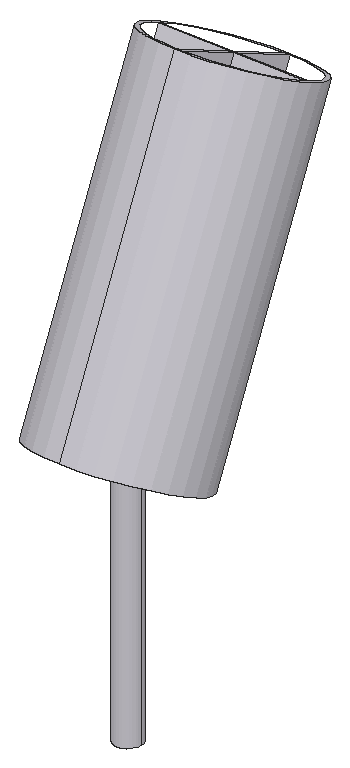
Revit family "Lighting-Spot-LSI_LX2030 (1)", category Lighting Fixtures, host Face, Revit 2011
Parameters (values of type "Load Type Catalog")
  Wattage Comments = ""
  Voltage = 120 V
  Reflector = "54mm 40°"
  Product Documentation Link = "http://www.lightingservicesinc.com/files/pdf/LX2058.pdf"
  Power Factor = 1
  Photometric Web File = "L238591-2.IES"
  Number of Poles = 1
  Material = Paint - LSI - White
  Lumens/CRI/Wattage = "Load Type Catalog"
  Lamp = ""
  IES File Link = "http://www.lightingservicesinc.com/files/photometrics/L238591.zip"
  Finish = ""
  Angle [instance] = 65.00°
  Wattage = 26 W
  built-in parameter 1150110 = 1 (stored number, unit not read)
  URL = "http://www.lightingservicesinc.com/"
  built-in parameter 1114217 = 1 (stored number, unit not read)
  Tilt Angle = 90.00°
  built-in parameter 1150109 = 1 (stored number, unit not read)
  built-in parameter 1150134 = 3
  built-in parameter 1150113 = 1 (stored number, unit not read)
  OmniClass Title = "Non Weather Rated Light Emitting Diode Lighting Fixtures"
  OmniClass Number = "23.35.47.11.11.19"
  Model = "Load Type Catalog"
  Manufacturer = "Lighting Services Inc"
  built-in parameter 1150105 = 1156.3 (stored number, unit not read)
  Lumens = 780 lm
  built-in parameter 1150115 = 1 (stored number, unit not read)
  built-in parameter 1150137 = (empty or 0)
  built-in parameter 1150139 = (empty or 0)
  built-in parameter 1150112 = 1 (stored number, unit not read)
  built-in parameter 1150114 = 1 (stored number, unit not read)
  Keynote = ""
  built-in parameter 1150132 = (empty or 0)
  built-in parameter 1150102 = (empty or 0)
  built-in parameter 1150107 = 3200 (stored number, unit not read)
  built-in parameter 1150138 = (empty or 0)
  built-in parameter 1150106 = 11.563 (stored number, unit not read)
  Emit from Circle Diameter = 2 1/4"
  Emit Shape Visible in Rendering = no
  built-in parameter 1150104 = 2.7871 (stored number, unit not read)
  Dimming Lamp Color Temperature Shift = <None>
  Description = "Spot Light"
  Default Elevation = 2"
  Color Filter = 16777215
  built-in parameter 1114218 = 1 (stored number, unit not read)
  built-in parameter 1150133 = 10 (stored number, unit not read)
  Assembly Code = ""
  Apparent Load = 0 VA
Reference planes (in)
  plane 1 "Center (Front/Back)": y = 0
  plane 2: z = 0
  plane 3 "Center (Left/Right)": x = 0
  plane 4: z = 4.5
  plane 5 "Lamp": x = 0
  plane 6 "Tilt Angle": through (0, 0, 4.5) normal (0, -0.9063, 0.4226)
Forms (in)
  Revolve 1, solid, material "Paint - LSI - White" <- "Material"
    sketch origin (0, 0, 0) x (0, 1, 0) y (0, 0, 1)
      loop
        line (-0.21093, 4.04765) -> (1.45486, 7.61995) -> (0.35384, 8.13337) -> (1.01245, 9.54576) -> (0.95226, 9.57383) -> (-1.37214, 4.58913) -> (-0.21093, 4.04765)
      axis (-0.21093, 4.04765) -> (2.11347, 9.03235)
    angle from 0 to 360
  Extrusion 2, solid, material "Paint - LSI - White" <- "Material"
    sketch origin (0, 0, 0) x (1, 0, 0) y (0, 1, 0)
      loop
        circle (0, 0) r 0.21875
    from 0 to 4.5
  Extrusion 3, solid, material "Paint - LSI - White" <- "Material"
    sketch origin (0, 0, 0) x (0, 1, 0) y (0, 0, 1)
      loop
        line (1.01223, 9.54587) -> (0.35362, 8.13347) -> (2.55588, 7.10654) -> (3.21449, 8.51893) -> (1.01223, 9.54587)
    from -0.03899 to 0.04149
  Extrusion 4, solid, material "Paint - LSI - White" <- "Material"
    sketch origin (0, 0, 0) x (0, 1, 0) y (0, 0, 1)
      loop
        line (1.42007, 7.63618) -> (1.48965, 7.60373) -> (2.14826, 9.01612) -> (2.07867, 9.04857) -> (1.42007, 7.63618)
    from -1.15875 to 1.15479
Cuts and joins
  joined: Revolve 1, Extrusion 2
Lines and regions (in)
  Masking region 1
    outline origin (0, 0, 0) x (1, 0, 0) y (0, 1, 0)
      loop
        line (-1.28125, 4.5) -> (-1.28125, -0.5) -> (1.28125, -0.5) -> (1.28125, 4.5) -> (-1.28125, 4.5)
  symbolic lines
    curve 1: circle (0, 0, 0) r 0.37955 normal (0, 0, 1)
  reference lines
    curve 2: circle (0, 0, 0) r 7 normal (0, 0, 1)
Dimensions and locks (in)
  imposter light to plane 5 "Lamp" = 0"
  Revolve 1 sketch curve to Revolve 1 sketch curve = 1 9/32"
  plane 4 to host face = 4 1/2"
  locked: Revolve 1 sketch curve to Revolve 1 sketch curve at 0.5
  locked: Revolve 1 sketch curve to Revolve 1 sketch curve at 5
  locked: Revolve 1 sketch curve to Revolve 1 sketch curve at 3.4416
  Revolve 1 sketch curve to plane 6 "Tilt Angle" = 1 55/256"
  Extrusion 3 sketch curve to plane 6 "Tilt Angle" to Extrusion 3 sketch curve = 1.21509" locked, 1 55/256" locked
  equal spacing: Extrusion 4 sketch curve, plane 6 "Tilt Angle", Extrusion 4 sketch curve
  locked: Extrusion 4 sketch curve to Extrusion 4 sketch curve at 0.07678
  "Angle": angle plane 4 to plane 6 "Tilt Angle"
  "Angle": angle plane 4 to Revolve 1 sketch curve
  "Angle": angle imposter light to plane 4
  aligned and locked: plane 2 to host face
  aligned and locked: level to host face
  aligned and locked: imposter light to plane 6 "Tilt Angle"
  aligned and locked: Extrusion 3 sketch curve to cut or joined group of Revolve 1, Extrusion 2  (x2)
  aligned and locked: cut or joined group of Revolve 1, Extrusion 2 to Extrusion 4 sketch curve
  aligned and locked: Extrusion 4 sketch curve to cut or joined group of Revolve 1, Extrusion 2
Automatic sketch dimensions
  host sketch curve to host sketch curve = 0.17936"
  host sketch curve to host sketch curve = 0.2054"
  Extrusion 2 sketch curve to plane 1 "Center (Front/Back)" = 0"
  Extrusion 2 sketch curve to plane 3 "Center (Left/Right)" = 0"
  plane 1 "Center (Front/Back)" to Masking region 1 sketch curve = 1/2"
  Masking region 1 sketch curve to plane 3 "Center (Left/Right)" = 1 9/32"
  plane 3 "Center (Left/Right)" to Masking region 1 sketch curve = 1 9/32"
  Masking region 1 sketch curve to Masking region 1 sketch curve = 5"
  curve 1 to plane 1 "Center (Front/Back)" = 0"
  curve 1 to plane 3 "Center (Left/Right)" = 0"
  Revolve 1 sketch curve to plane 1 "Center (Front/Back)" = 0.00038"
  Revolve 1 sketch curve to plane 6 "Tilt Angle" = 0"  (x2)
  curve 2 to plane 1 "Center (Front/Back)" = 0"
  curve 2 to plane 3 "Center (Left/Right)" = 0"
  radius of Extrusion 2 sketch curve = 7/32"
  radius of curve 1 = 0.37955"
  radius of curve 2 = 7"
Connectors (in)
  electrical at (0, 0, 0), driven by "Power Factor", driven by "Apparent Load", driven by "Voltage", driven by "Number of Poles"
    settings: on cut or joined group of Revolve 1, Extrusion 2, index 1, voltage 120 V, apparent load 0 VA, apparent load phase1 0 VA, apparent load phase2 0 VA, apparent load phase3 0 VA, power factor 1, load classification "Lighting", number of poles 1, system type 31, power factor state 1, is connector primary yes, connector utility no, sub classification motor no, connector description "Power"
